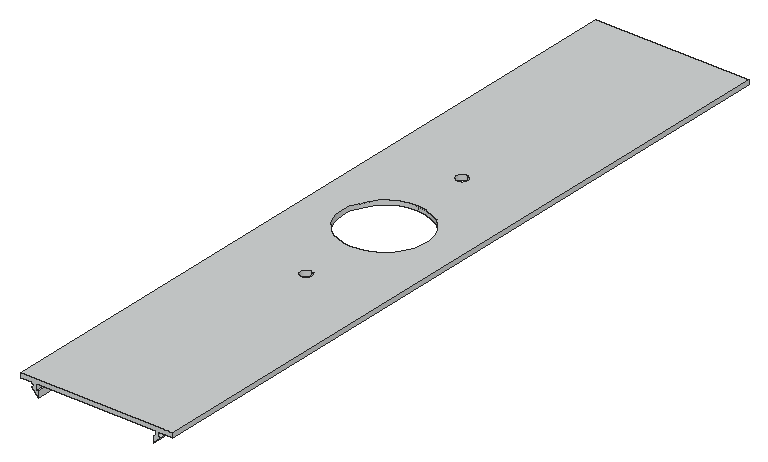
Revit family "Specialty_Equipment-Metal_Raceway-Hubbell_Wiring-Single_Receptacle_Cover-HBLALU57E", category Specialty Equipment, host Face, Revit 2015
Parameters
  URL = "http://www.hubbell-wiring.com/"
  Product data url = "https://bimobject.com/hubbellwiring/product/hubbell-metal-raceway-alu5000"
  Product Page URL = "http://ecatalog.hubbell-wiring.com/ProductInformation/ViewCatalog.aspx?Dest=hubbell-wiring.com/press/catalog/o.pdf&Page=21"
  Product Documentation Link = "http://www.hubbell-wiring.com/press/pdfs/h5233r08.pdf"
  Model = "HBLALU57E"  # constant formula
  Manufacturer = "Hubbell Wiring Device Kellems"  # constant formula
  Host Note = "Add in Section View; Host to Wall"  # constant formula
  Description = "Single Receptacle Cover"  # constant formula
  Default Elevation = 48.00"
  Cable Tray Material = Metal-Hubbell-Aluminium
  B = 12.00"
  Assembly Code = "D5090900"
  A = 2.54"
Reference planes (in)
  plane 1 "Center (Front/Back)": y = 0
  plane 2: z = 0
  plane 3 "Center (Left/Right)": x = 0
  plane 4: z = 1.585
  plane 5: y = 6
  plane 6: y = -6
  plane 7: x = -1.27
  plane 8: x = 1.27
  plane 9: y = 1.625
  plane 10: y = -1.625
Forms (in)
  Extrusion 1, void, detail levels medium+fine
    sketch origin (1.49625, 0, 2.17481) x (0, -1, 0) y (-1, 0, 0)
      loop
        circle (1.625, 1.49625) r 0.1
      loop
        circle (-1.625, 1.49625) r 0.1
      loop
        circle (0, 1.4925) r 0.7
    from 0.515 to 0.58981
  Extrusion 2, solid, material "Metal-Hubbell-Aluminium" <- "Cable Tray Material"
    sketch origin (0, 0, 0) x (1, 0, 0) y (0, 0, 1)
      loop
        line (-1.27, 1.585) -> (-1.08047, 1.585)
        arc (-1.08047, 1.585) -> (-1.04559, 1.55149) -> (-1.07767, 1.51529) r 0.03491
        line (-1.07767, 1.51529) -> (-0.9637, 1.40132) -> (-0.9637, 1.5052) -> (-0.99569, 1.5052) -> (-0.99569, 1.585) -> (0.98819, 1.585) -> (0.98819, 1.5052) -> (0.9562, 1.5052) -> (0.9562, 1.40132) -> (1.07017, 1.51529)
        arc (1.07017, 1.51529) -> (1.03809, 1.55149) -> (1.07298, 1.585) r 0.03491
        line (1.07298, 1.585) -> (1.27, 1.585) -> (1.27, 1.65981) -> (-1.27, 1.65981) -> (-1.27, 1.585)
    from -6 to 6
Cuts and joins
  Extrusion 1 cuts Extrusion 2
Lines and regions (in)
  reference lines
    curve 1: circle (0, 1.625, 1.585) r 0.1 normal (0, 0, 1)
    curve 2: circle (0, -1.625, 1.585) r 0.1 normal (0, 0, 1)
    curve 3: line (-1.27, 0, 1.65981) -> (-1.27, 0, 1.585)
    curve 4: line (1.27, 0, 1.65981) -> (-1.27, 0, 1.65981)
    curve 5: line (1.27, 0, 1.585) -> (1.27, 0, 1.65981)
    curve 6: line (1.07298, 0, 1.585) -> (1.27, 0, 1.585)
    curve 7: arc (1.07017, 0, 1.51529) -> (1.03809, 0, 1.55149) -> (1.07298, 0, 1.585) r 0.03491
    curve 8: line (0.9562, 0, 1.40132) -> (1.07017, 0, 1.51529)
    curve 9: line (0.9562, 0, 1.5052) -> (0.9562, 0, 1.40132)
    curve 10: line (0.98819, 0, 1.5052) -> (0.9562, 0, 1.5052)
    curve 11: line (0.98819, 0, 1.585) -> (0.98819, 0, 1.5052)
    curve 12: line (-0.99569, 0, 1.585) -> (0.98819, 0, 1.585)
    curve 13: line (-0.99569, 0, 1.5052) -> (-0.99569, 0, 1.585)
    curve 14: line (-0.9637, 0, 1.5052) -> (-0.99569, 0, 1.5052)
    curve 15: line (-0.9637, 0, 1.40132) -> (-0.9637, 0, 1.5052)
    curve 16: line (-1.07767, 0, 1.51529) -> (-0.9637, 0, 1.40132)
    curve 17: arc (-1.08047, 0, 1.585) -> (-1.04559, 0, 1.55149) -> (-1.07767, 0, 1.51529) r 0.03491
    curve 18: line (-1.27, 0, 1.585) -> (-1.08047, 0, 1.585)
    curve 19: circle (0.00375, 0, 2.075) r 0.7 normal (0, 0, 1)
  symbolic lines
    curve 20: line (-1.27, -6, 0) -> (1.27, -6, 0)
    curve 21: line (-1.27, 6, 0) -> (-1.27, -6, 0)
    curve 22: line (1.27, 6, 0) -> (-1.27, 6, 0)
    curve 23: line (1.27, -6, 0) -> (1.27, 6, 0)
    curve 24: circle (0, 1.625, 0) r 0.1 normal (0, 0, 1)
    curve 25: circle (0.00375, 0, 0) r 0.7 normal (0, 0, 1)
    curve 26: circle (0, -1.625, 0) r 0.1 normal (0, 0, 1)
    curve 27: line (0, 6, 1.585) -> (0, -6, 1.585)
    curve 28: line (0, 6, 1.65981) -> (0, 6, 1.585)
    curve 29: line (0, -6, 1.65981) -> (0, 6, 1.65981)
    curve 30: line (0, -6, 1.585) -> (0, -6, 1.65981)
    curve 31: line (1.27, 0, 1.585) -> (-1.27, 0, 1.585)
    curve 32: line (1.27, 0, 1.65981) -> (1.27, 0, 1.585)
    curve 33: line (-1.27, 0, 1.65981) -> (1.27, 0, 1.65981)
    curve 34: line (-1.27, 0, 1.585) -> (-1.27, 0, 1.65981)
Dimensions and locks (in)
  equal spacing: plane 5, plane 1 "Center (Front/Back)", plane 6
  "B": plane 5 to plane 6
  "A": plane 7 to plane 8
  equal spacing: plane 9, plane 1 "Center (Front/Back)", plane 10, locked at 1.625 each
  plane 4 to host face = 1.585"
  plane 7 to plane 3 "Center (Left/Right)" = 1.27"
  plane 3 "Center (Left/Right)" to plane 8 = 1.27"
  equal spacing: plane 7, plane 3 "Center (Left/Right)", plane 8
  aligned and locked: plane 2 to host face
  aligned and locked: level to host face
  aligned and locked: Extrusion 1 sketch curve to curve 2
  aligned and locked: Extrusion 1 sketch curve to curve 1
  aligned and locked: Extrusion 1 sketch curve to curve 19
  aligned and locked: curve 20 to plane 6
  aligned and locked: curve 21 to plane 7
  aligned and locked: plane 5 to curve 22
  aligned and locked: curve 23 to plane 8
  aligned and locked: curve 24 to curve 1
  aligned and locked: curve 25 to curve 19
  aligned and locked: curve 26 to curve 2
  aligned and locked: Extrusion 2 sketch curve to curve 18
  aligned and locked: Extrusion 2 sketch curve to curve 3
  aligned and locked: Extrusion 2 sketch curve to curve 4
  aligned and locked: Extrusion 2 sketch curve to curve 5
  aligned and locked: Extrusion 2 sketch curve to curve 7
  aligned and locked: Extrusion 2 sketch curve to curve 8
  aligned and locked: Extrusion 2 sketch curve to curve 9
  aligned and locked: Extrusion 2 sketch curve to curve 10
  aligned and locked: Extrusion 2 sketch curve to curve 11
  aligned and locked: Extrusion 2 sketch curve to curve 12
  aligned and locked: Extrusion 2 sketch curve to curve 13
  aligned and locked: Extrusion 2 sketch curve to curve 14
  aligned and locked: Extrusion 2 sketch curve to curve 15
  aligned and locked: Extrusion 2 sketch curve to curve 16
  aligned and locked: Extrusion 2 sketch curve to curve 17
  aligned and locked: plane 5 to Extrusion 2
  aligned and locked: Extrusion 2 to plane 6
  aligned and locked: curve 31 to cut or joined group of Extrusion 1, Extrusion 2
  aligned and locked: curve 32 to cut or joined group of Extrusion 1, Extrusion 2
  aligned and locked: curve 33 to cut or joined group of Extrusion 1, Extrusion 2
  aligned and locked: curve 34 to cut or joined group of Extrusion 1, Extrusion 2
  aligned and locked: curve 28 to plane 5
  aligned and locked: plane 4 to curve 27
  aligned and locked: plane 6 to curve 30
  aligned and locked: curve 29 to cut or joined group of Extrusion 1, Extrusion 2
  aligned and locked: Extrusion 1 to plane 4
  aligned and locked: curve 32 to Extrusion 1
Automatic sketch dimensions
  host sketch curve to host sketch curve = 96.00"  (x2)
  curve 2 to plane 3 "Center (Left/Right)" = 0.00"
  curve 1 to plane 3 "Center (Left/Right)" = 0.00"
  curve 1 to plane 9 = 0.00"
  curve 2 to plane 10 = 0.00"
  curve 3 to plane 4 = 0.00"
  curve 3 to plane 7 = 0.00"
  plane 8 to curve 4 = 0.00"
  plane 4 to curve 4 = 0.07481"
  curve 5 to plane 4 = 0.00"
  plane 8 to curve 6 = 0.19703"
  curve 7 to curve 7 = 0.00281"
  curve 7 to plane 4 = 0.03491"
  curve 8 to curve 8 = 0.11397"  (x2)
  curve 9 to plane 4 = 0.0798"
  curve 9 to curve 10 = 0.03199"
  curve 11 to plane 4 = 0.00"
  plane 7 to curve 12 = 0.27431"
  curve 13 to plane 4 = 0.0798"
  curve 13 to curve 14 = 0.03199"
  curve 15 to curve 15 = 0.10388"
  curve 16 to plane 4 = 0.06971"
  curve 16 to curve 13 = 0.08198"
  curve 17 to plane 4 = 0.03491"
  radius of curve 1 = 0.10"
  radius of curve 2 = 0.10"
  radius of curve 19 = 0.70"
